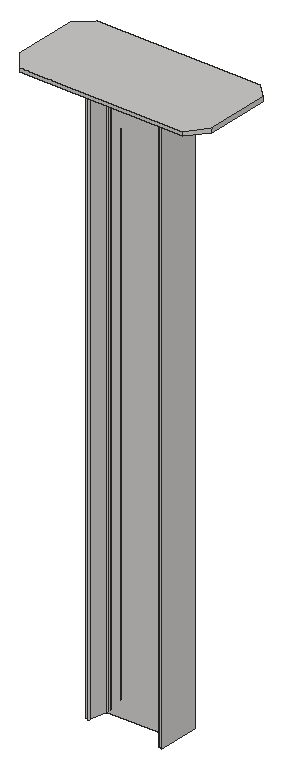
Revit family "E_Cable Tray Support_MEPcontent_OBO Bettermann_IS8 FT", category Cable Tray Fittings, Revit 2015
Parameters (values of type "IS 8 K 60 FT")
  Wholesaler Art. No. = ""
  Wholesaler = ""
  Watermarked By = "www.stabiplan.com"
  Width 2 = 42.00 mm  # constant formula
  Width 1 = 80.00 mm  # constant formula
  URL = "www.stabiplan.com"
  built-in parameter 1140111 [instance] = 4.00 mm  # constant formula
  Stabu Code = ""
  Revit Version = "2015"  # constant formula
  MEPcontent Class = "CABLE_TRAY_SUPPORT"  # constant formula
  Internal Art. No. = ""
  IFCExportType = "NOTDEFINED"  # constant formula
  IFCExportAs = "IfcCableCarrierFittingType"  # constant formula
  Function Code [instance] = ""
  Family Version = "10.14"  # constant formula
  ETIM Article Class = "EC000082 "  # constant formula
  EMCS Version = "2.0"  # constant formula
  Copyright = "© Stabiplan International BV"  # constant formula
  Content Supplier URL = ""
  CB-NL Class = ""
  Article Type = if(and(Width 1 = 80.00 mm, Width 2 = 42.00 mm, Height 1 = 200.00 mm), "IS 8 K 20 FT", if(and(Width 1 = 80.00 mm, Width 2 = 42.00 mm, Height 1 = 300.00 mm), "IS 8 K 30 FT", if(and(Width 1 = 80.00 mm, Width 2 = 42.00 mm, Height 1 = 400.00 mm), "IS 8 K 40 FT", if(and(Width 1 = 80.00 mm, Width 2 = 42.00 mm, Height 1 = 500.00 mm), "IS 8 K 50 FT", if(and(Width 1 = 80.00 mm, Width 2 = 42.00 mm, Height 1 = 600.00 mm), "IS 8 K 60 FT", if(and(Width 1 = 80.00 mm, Width 2 = 42.00 mm, Height 1 = 700.00 mm), "IS 8 K 70 FT", if(and(Width 1 = 80.00 mm, Width 2 = 42.00 mm, Height 1 = 800.00 mm), "IS 8 K 80 FT", if(and(Width 1 = 80.00 mm, Width 2 = 42.00 mm, Height 1 = 900.00 mm), "IS 8 K 90 FT", if(and(Width 1 = 80.00 mm, Width 2 = 42.00 mm, Height 1 = 1000.00 mm), "IS 8 K 100 FT", if(and(Width 1 = 80.00 mm, Width 2 = 42.00 mm, Height 1 = 1100.00 mm), "IS 8 K 110 FT", if(and(Width 1 = 80.00 mm, Width 2 = 42.00 mm, Height 1 = 1200.00 mm), "IS 8 K 120 FT", if(and(Width 1 = 80.00 mm, Width 2 = 42.00 mm, Height 1 = 1300.00 mm), "IS 8 K 130 FT", if(and(Width 1 = 80.00 mm, Width 2 = 42.00 mm, Height 1 = 1400.00 mm), "IS 8 K 140 FT", if(and(Width 1 = 80.00 mm, Width 2 = 42.00 mm, Height 1 = 1500.00 mm), "IS 8 K 150 FT", if(and(Width 1 = 80.00 mm, Width 2 = 42.00 mm, Height 1 = 1600.00 mm), "IS 8 K 160 FT", if(and(Width 1 = 80.00 mm, Width 2 = 42.00 mm, Height 1 = 1700.00 mm), "IS 8 K 170 FT", if(and(Width 1 = 80.00 mm, Width 2 = 42.00 mm, Height 1 = 1800.00 mm), "IS 8 K 180 FT", if(and(Width 1 = 80.00 mm, Width 2 = 42.00 mm, Height 1 = 2000.00 mm), "IS 8 K 200 FT", "Unknown"))))))))))))))))))  # "IS 8 K 60 FT"
  Product Line = "OBO BETTERMANN CableTrays"  # constant formula
  Model = if(and(Width 1 = 80.00 mm, Width 2 = 42.00 mm, Height 1 = 200.00 mm), "IS 8 K 20 FT", if(and(Width 1 = 80.00 mm, Width 2 = 42.00 mm, Height 1 = 300.00 mm), "IS 8 K 30 FT", if(and(Width 1 = 80.00 mm, Width 2 = 42.00 mm, Height 1 = 400.00 mm), "IS 8 K 40 FT", if(and(Width 1 = 80.00 mm, Width 2 = 42.00 mm, Height 1 = 500.00 mm), "IS 8 K 50 FT", if(and(Width 1 = 80.00 mm, Width 2 = 42.00 mm, Height 1 = 600.00 mm), "IS 8 K 60 FT", if(and(Width 1 = 80.00 mm, Width 2 = 42.00 mm, Height 1 = 700.00 mm), "IS 8 K 70 FT", if(and(Width 1 = 80.00 mm, Width 2 = 42.00 mm, Height 1 = 800.00 mm), "IS 8 K 80 FT", if(and(Width 1 = 80.00 mm, Width 2 = 42.00 mm, Height 1 = 900.00 mm), "IS 8 K 90 FT", if(and(Width 1 = 80.00 mm, Width 2 = 42.00 mm, Height 1 = 1000.00 mm), "IS 8 K 100 FT", if(and(Width 1 = 80.00 mm, Width 2 = 42.00 mm, Height 1 = 1100.00 mm), "IS 8 K 110 FT", if(and(Width 1 = 80.00 mm, Width 2 = 42.00 mm, Height 1 = 1200.00 mm), "IS 8 K 120 FT", if(and(Width 1 = 80.00 mm, Width 2 = 42.00 mm, Height 1 = 1300.00 mm), "IS 8 K 130 FT", if(and(Width 1 = 80.00 mm, Width 2 = 42.00 mm, Height 1 = 1400.00 mm), "IS 8 K 140 FT", if(and(Width 1 = 80.00 mm, Width 2 = 42.00 mm, Height 1 = 1500.00 mm), "IS 8 K 150 FT", if(and(Width 1 = 80.00 mm, Width 2 = 42.00 mm, Height 1 = 1600.00 mm), "IS 8 K 160 FT", if(and(Width 1 = 80.00 mm, Width 2 = 42.00 mm, Height 1 = 1700.00 mm), "IS 8 K 170 FT", if(and(Width 1 = 80.00 mm, Width 2 = 42.00 mm, Height 1 = 1800.00 mm), "IS 8 K 180 FT", if(and(Width 1 = 80.00 mm, Width 2 = 42.00 mm, Height 1 = 2000.00 mm), "IS 8 K 200 FT", "Unknown"))))))))))))))))))  # "IS 8 K 60 FT"
  Manufacturer = "OBO BETTERMANN"  # constant formula
  Custom [instance] = if(and(Width 1 = 80.00 mm, Width 2 = 42.00 mm, Height 1 = 200.00 mm), 1 = 0, if(and(Width 1 = 80.00 mm, Width 2 = 42.00 mm, Height 1 = 300.00 mm), 1 = 0, if(and(Width 1 = 80.00 mm, Width 2 = 42.00 mm, Height 1 = 400.00 mm), 1 = 0, if(and(Width 1 = 80.00 mm, Width 2 = 42.00 mm, Height 1 = 500.00 mm), 1 = 0, if(and(Width 1 = 80.00 mm, Width 2 = 42.00 mm, Height 1 = 600.00 mm), 1 = 0, if(and(Width 1 = 80.00 mm, Width 2 = 42.00 mm, Height 1 = 700.00 mm), 1 = 0, if(and(Width 1 = 80.00 mm, Width 2 = 42.00 mm, Height 1 = 800.00 mm), 1 = 0, if(and(Width 1 = 80.00 mm, Width 2 = 42.00 mm, Height 1 = 900.00 mm), 1 = 0, if(and(Width 1 = 80.00 mm, Width 2 = 42.00 mm, Height 1 = 1000.00 mm), 1 = 0, if(and(Width 1 = 80.00 mm, Width 2 = 42.00 mm, Height 1 = 1100.00 mm), 1 = 0, if(and(Width 1 = 80.00 mm, Width 2 = 42.00 mm, Height 1 = 1200.00 mm), 1 = 0, if(and(Width 1 = 80.00 mm, Width 2 = 42.00 mm, Height 1 = 1300.00 mm), 1 = 0, if(and(Width 1 = 80.00 mm, Width 2 = 42.00 mm, Height 1 = 1400.00 mm), 1 = 0, if(and(Width 1 = 80.00 mm, Width 2 = 42.00 mm, Height 1 = 1500.00 mm), 1 = 0, if(and(Width 1 = 80.00 mm, Width 2 = 42.00 mm, Height 1 = 1600.00 mm), 1 = 0, if(and(Width 1 = 80.00 mm, Width 2 = 42.00 mm, Height 1 = 1700.00 mm), 1 = 0, if(and(Width 1 = 80.00 mm, Width 2 = 42.00 mm, Height 1 = 1800.00 mm), 1 = 0, if(and(Width 1 = 80.00 mm, Width 2 = 42.00 mm, Height 1 = 2000.00 mm), 1 = 0, 1 = 1))))))))))))))))))  # no
  Height 1 = 600.00 mm
  GTIN = if(and(Width 1 = 80.00 mm, Width 2 = 42.00 mm, Height 1 = 200.00 mm), "4012196196333", if(and(Width 1 = 80.00 mm, Width 2 = 42.00 mm, Height 1 = 300.00 mm), "4012196196395", if(and(Width 1 = 80.00 mm, Width 2 = 42.00 mm, Height 1 = 400.00 mm), "4012196196456", if(and(Width 1 = 80.00 mm, Width 2 = 42.00 mm, Height 1 = 500.00 mm), "4012196196517", if(and(Width 1 = 80.00 mm, Width 2 = 42.00 mm, Height 1 = 600.00 mm), "4012196196579", if(and(Width 1 = 80.00 mm, Width 2 = 42.00 mm, Height 1 = 700.00 mm), "4012196196630", if(and(Width 1 = 80.00 mm, Width 2 = 42.00 mm, Height 1 = 800.00 mm), "4012196196692", if(and(Width 1 = 80.00 mm, Width 2 = 42.00 mm, Height 1 = 900.00 mm), "4012196196753", if(and(Width 1 = 80.00 mm, Width 2 = 42.00 mm, Height 1 = 1000.00 mm), "4012196196814", if(and(Width 1 = 80.00 mm, Width 2 = 42.00 mm, Height 1 = 1100.00 mm), "4012196196876", if(and(Width 1 = 80.00 mm, Width 2 = 42.00 mm, Height 1 = 1200.00 mm), "4012196196937", if(and(Width 1 = 80.00 mm, Width 2 = 42.00 mm, Height 1 = 1300.00 mm), "4012196196999", if(and(Width 1 = 80.00 mm, Width 2 = 42.00 mm, Height 1 = 1400.00 mm), "4012196197057", if(and(Width 1 = 80.00 mm, Width 2 = 42.00 mm, Height 1 = 1500.00 mm), "4012196197118", if(and(Width 1 = 80.00 mm, Width 2 = 42.00 mm, Height 1 = 1600.00 mm), "4012196197170", if(and(Width 1 = 80.00 mm, Width 2 = 42.00 mm, Height 1 = 1700.00 mm), "4012196197231", if(and(Width 1 = 80.00 mm, Width 2 = 42.00 mm, Height 1 = 1800.00 mm), "4012196197293", if(and(Width 1 = 80.00 mm, Width 2 = 42.00 mm, Height 1 = 2000.00 mm), "4012196197415", "Unknown"))))))))))))))))))  # "4012196196579"
  Description = "I suspended support with welded head plate."  # constant formula
  Depth = 100.00 mm  # constant formula
  Manufacturer URL = "http://catalog4.obo-bettermann.com/catalogue/catalogue.do?forward=showProductGroup&act=showIO&favOid=kts_6925&action=showManyProducts&lang=nl&OID=kts_6925&catId="
  Gray = Color RGB 189-187-185
  Manufacturer Art. No. = if(and(Width 1 = 80.00 mm, Width 2 = 42.00 mm, Height 1 = 200.00 mm), "6361021", if(and(Width 1 = 80.00 mm, Width 2 = 42.00 mm, Height 1 = 300.00 mm), "6361056", if(and(Width 1 = 80.00 mm, Width 2 = 42.00 mm, Height 1 = 400.00 mm), "6361072", if(and(Width 1 = 80.00 mm, Width 2 = 42.00 mm, Height 1 = 500.00 mm), "6361099", if(and(Width 1 = 80.00 mm, Width 2 = 42.00 mm, Height 1 = 600.00 mm), "6361110", if(and(Width 1 = 80.00 mm, Width 2 = 42.00 mm, Height 1 = 700.00 mm), "6361137", if(and(Width 1 = 80.00 mm, Width 2 = 42.00 mm, Height 1 = 800.00 mm), "6361153", if(and(Width 1 = 80.00 mm, Width 2 = 42.00 mm, Height 1 = 900.00 mm), "6361188", if(and(Width 1 = 80.00 mm, Width 2 = 42.00 mm, Height 1 = 1000.00 mm), "6361218", if(and(Width 1 = 80.00 mm, Width 2 = 42.00 mm, Height 1 = 1100.00 mm), "6361234", if(and(Width 1 = 80.00 mm, Width 2 = 42.00 mm, Height 1 = 1200.00 mm), "6361250", if(and(Width 1 = 80.00 mm, Width 2 = 42.00 mm, Height 1 = 1300.00 mm), "6361277", if(and(Width 1 = 80.00 mm, Width 2 = 42.00 mm, Height 1 = 1400.00 mm), "6361293", if(and(Width 1 = 80.00 mm, Width 2 = 42.00 mm, Height 1 = 1500.00 mm), "6361315", if(and(Width 1 = 80.00 mm, Width 2 = 42.00 mm, Height 1 = 1600.00 mm), "6361331", if(and(Width 1 = 80.00 mm, Width 2 = 42.00 mm, Height 1 = 1700.00 mm), "6361366", if(and(Width 1 = 80.00 mm, Width 2 = 42.00 mm, Height 1 = 1800.00 mm), "6361382", if(and(Width 1 = 80.00 mm, Width 2 = 42.00 mm, Height 1 = 2000.00 mm), "6361420", "Unknown"))))))))))))))))))  # "6361110"
  Article Description = "I suspended support with welded head plate."  # constant formula
Types (18, lengths in mm): name | Article Type | Model | Height 1 | GTIN | Manufacturer Art. No.
  IS 8 K 20 FT | "IS 8 K 20 FT" | "IS 8 K 20 FT" | 200.00 | "4012196196333" | "6361021"
  IS 8 K 30 FT | "IS 8 K 30 FT" | "IS 8 K 30 FT" | 300.00 | "4012196196395" | "6361056"
  IS 8 K 40 FT | "IS 8 K 40 FT" | "IS 8 K 40 FT" | 400.00 | "4012196196456" | "6361072"
  IS 8 K 50 FT | "IS 8 K 50 FT" | "IS 8 K 50 FT" | 500.00 | "4012196196517" | "6361099"
  IS 8 K 60 FT | "IS 8 K 60 FT" | "IS 8 K 60 FT" | 600.00 | "4012196196579" | "6361110"
  IS 8 K 70 FT | "IS 8 K 70 FT" | "IS 8 K 70 FT" | 700.00 | "4012196196630" | "6361137"
  IS 8 K 80 FT | "IS 8 K 80 FT" | "IS 8 K 80 FT" | 800.00 | "4012196196692" | "6361153"
  IS 8 K 90 FT | "IS 8 K 90 FT" | "IS 8 K 90 FT" | 900.00 | "4012196196753" | "6361188"
  IS 8 K 100 FT | "IS 8 K 100 FT" | "IS 8 K 100 FT" | 1000.00 | "4012196196814" | "6361218"
  IS 8 K 110 FT | "IS 8 K 110 FT" | "IS 8 K 110 FT" | 1100.00 | "4012196196876" | "6361234"
  IS 8 K 120 FT | "IS 8 K 120 FT" | "IS 8 K 120 FT" | 1200.00 | "4012196196937" | "6361250"
  IS 8 K 130 FT | "IS 8 K 130 FT" | "IS 8 K 130 FT" | 1300.00 | "4012196196999" | "6361277"
  IS 8 K 140 FT | "IS 8 K 140 FT" | "IS 8 K 140 FT" | 1400.00 | "4012196197057" | "6361293"
  IS 8 K 150 FT | "IS 8 K 150 FT" | "IS 8 K 150 FT" | 1500.00 | "4012196197118" | "6361315"
  IS 8 K 160 FT | "IS 8 K 160 FT" | "IS 8 K 160 FT" | 1600.00 | "4012196197170" | "6361331"
  IS 8 K 170 FT | "IS 8 K 170 FT" | "IS 8 K 170 FT" | 1700.00 | "4012196197231" | "6361366"
  IS 8 K 180 FT | "IS 8 K 180 FT" | "IS 8 K 180 FT" | 1800.00 | "4012196197293" | "6361382"
  IS 8 K 200 FT | "IS 8 K 200 FT" | "IS 8 K 200 FT" | 2000.00 | "4012196197415" | "6361420"
Reference planes
  plane 1 "Center (Front/Back)": y = 0
  plane 2: z = 0
  plane 3 "Center (Left/Right)": x = 0
  plane 4: x = -40
  plane 5: x = 40
  plane 6: y = -21
  plane 7: y = 21
  plane 8: x = -100
  plane 9: x = 100
  plane 10: y = -50
  plane 11: y = 50
  plane 12: x = -85
  plane 13: y = 35
  plane 14: z = -4
  plane 15: z = -604
Forms (mm)
  Extrusion 1, solid, material "Color RGB 189-187-185" <- "Gray", detail levels medium+fine
    sketch origin (0, 0, 0) x (1, 0, 0) y (0, 1, 0)
      loop
        line (-40, 21) -> (-40, -21) -> (-37.259, -21)
        arc (-37.259, -21) -> (-36.294, -20.649) -> (-35.781, -19.76) r 1.5
        line (-35.781, -19.76) -> (-32.868, -3.24)
        arc (-32.868, -3.24) -> (-32.355, -2.351) -> (-31.391, -2) r 1.5
        line (-31.391, -2) -> (31.391, -2)
        arc (31.391, -2) -> (32.355, -2.351) -> (32.868, -3.24) r 1.5
        line (32.868, -3.24) -> (35.781, -19.76)
        arc (35.781, -19.76) -> (36.294, -20.649) -> (37.259, -21) r 1.5
        line (37.259, -21) -> (40, -21) -> (40, 21) -> (37.259, 21)
        arc (37.259, 21) -> (36.294, 20.649) -> (35.781, 19.76) r 1.5
        line (35.781, 19.76) -> (32.868, 3.24)
        arc (32.868, 3.24) -> (32.355, 2.351) -> (31.391, 2) r 1.5
        line (31.391, 2) -> (-31.391, 2)
        arc (-31.391, 2) -> (-32.355, 2.351) -> (-32.868, 3.24) r 1.5
        line (-32.868, 3.24) -> (-35.781, 19.76)
        arc (-35.781, 19.76) -> (-36.294, 20.649) -> (-37.259, 21) r 1.5
        line (-37.259, 21) -> (-40, 21)
    from -604 to -4
  Extrusion 2, solid, material "Color RGB 189-187-185" <- "Gray", detail levels medium+fine
    sketch origin (0, 0, 0) x (1, 0, 0) y (0, 1, 0)
      loop
        line (-85, 50) -> (-100, 35) -> (-100, -31) -> (-85, -50) -> (85, -50) -> (100, -31) -> (100, 35) -> (85, 50) -> (-85, 50)
    from 0 to -4
Cuts and joins
  joined: Extrusion 1, Extrusion 2
Lines and regions (mm)
  model lines, style "Fittings", detail levels coarse
    curve 1: line (0, 0, -604) -> (0, 0, 0)
Dimensions and locks
  equal spacing: plane 5, plane 3 "Center (Left/Right)", plane 4
  "Width 1": plane 5 to plane 4
  equal spacing: plane 6, plane 1 "Center (Front/Back)", plane 7
  "Width 2": plane 6 to plane 7
  equal spacing: plane 9, plane 3 "Center (Left/Right)", plane 8
  equal spacing: plane 10, plane 1 "Center (Front/Back)", plane 11
  "Depth": plane 10 to plane 11
  locked: plane 9 to plane 8 at 200
  equal spacing: Extrusion 1 sketch curve, plane 1 "Center (Front/Back)", Extrusion 1 sketch curve
  "built-in parameter 1140111": Extrusion 1 sketch curve to Extrusion 1 sketch curve
  "built-in parameter 1140111": level to plane 14
  "Height 1": plane 14 to plane 15
  radius of Extrusion 1 sketch curve = 1.50 mm  (x8)
  aligned and locked: level to plane 2
  aligned and locked: plane 7 to Extrusion 1 sketch curve  (x2)
  aligned and locked: plane 6 to Extrusion 1 sketch curve  (x3)
  aligned and locked: Extrusion 1 sketch curve to plane 4
  aligned and locked: plane 5 to Extrusion 1 sketch curve
  aligned and locked: Extrusion 2 to plane 14
  aligned and locked: level to Extrusion 2
  aligned and locked: Extrusion 1 to plane 15
  aligned and locked: cut or joined group of Extrusion 1, Extrusion 2 to curve 1
  aligned and locked: plane 15 to curve 1
Automatic sketch dimensions
  Extrusion 2 sketch curve to plane 8 = 0.00 mm
  Extrusion 2 sketch curve to plane 10 = 0.00 mm
  Extrusion 2 sketch curve to plane 12 = 0.00 mm  (x2)
  plane 11 to Extrusion 2 sketch curve = 0.00 mm
  Extrusion 2 sketch curve to plane 9 = 0.00 mm
  Extrusion 2 sketch curve to plane 13 = 0.00 mm
  plane 13 to Extrusion 2 sketch curve = 0.00 mm
  plane 9 to Extrusion 2 sketch curve = 15.00 mm  (x2)
  Extrusion 2 sketch curve to plane 6 = 10.00 mm  (x2)
  curve 1 to plane 3 "Center (Left/Right)" = 0.00 mm
  plane 4 to Extrusion 1 sketch curve = 2.741 mm  (x2)
  plane 7 to Extrusion 1 sketch curve = 1.24 mm  (x2)
  plane 6 to Extrusion 1 sketch curve = 1.24 mm  (x2)
  plane 1 "Center (Front/Back)" to Extrusion 1 sketch curve = 3.24 mm  (x2)
  plane 4 to Extrusion 1 sketch curve = 7.132 mm
  Extrusion 1 sketch curve to plane 1 "Center (Front/Back)" = 3.24 mm  (x2)
  Extrusion 1 sketch curve to Extrusion 1 sketch curve = 1.477 mm
  plane 5 to Extrusion 1 sketch curve = 8.609 mm
  Extrusion 1 sketch curve to Extrusion 1 sketch curve = 0.00 mm
  plane 5 to Extrusion 1 sketch curve = 4.219 mm  (x2)
